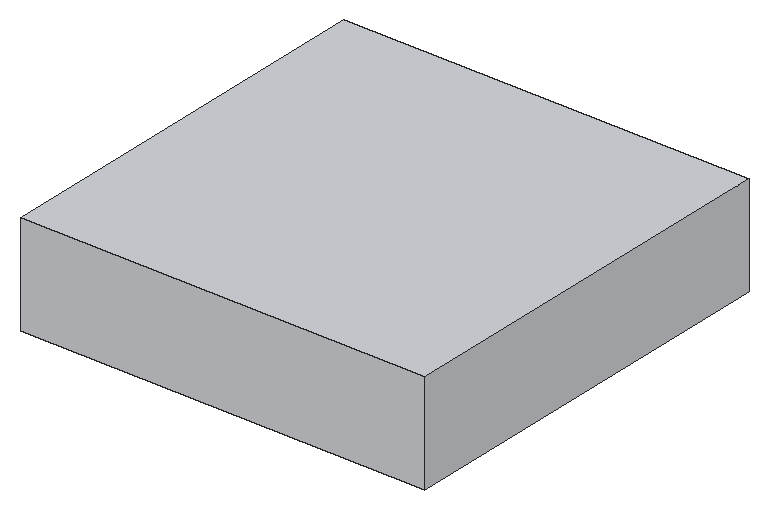
Revit family "2016LBeacon", category Lighting Fixtures, Revit 2017
Family settings
  Round Connector Dimension = Use Diameter
  Part Type = Normal
  OmniClass Number = 23.80.70.00
  OmniClass Title = Lighting
  Work Plane-Based = No
  Always vertical = Yes
  Cut with Voids When Loaded = No
  Light Source = Yes
  Shared = No
  Room Calculation Point = No
Parameters (values of type "60Degree")
  Wattage = 12.1178 W
  built-in parameter 1150110 = 1 (stored number, unit not read)
  built-in parameter 1114217 = 1 (stored number, unit not read)
  built-in parameter 1150109 = 1 (stored number, unit not read)
  built-in parameter 1150134 = (empty or 0)
  built-in parameter 1150113 = 1 (stored number, unit not read)
  Returns_Loss = "-10dB at 50 Ohms"
  Polarization = "Linear (Vertical & Horizontal)"
  Peak_Gain = "around 8 dBi"
  Lumens = 1800 lm
  built-in parameter 1010506 = 1.00° * [3db_Beamwidths]  # 1.0472 (stored number, unit not read)
  built-in parameter 1010507 = 1.00° * [3db_Beamwidths]  # 1.0472 (stored number, unit not read)
  Tilt Angle = 90.00°
  built-in parameter 1150115 = 1 (stored number, unit not read)
  built-in parameter 1150105 = 6018.4 (stored number, unit not read)
  Longitude = ""
  Light Source Symbol Length = 304.8 cm
  built-in parameter 1150137 = (empty or 0)
  built-in parameter 1150139 = (empty or 0)
  Latitude = ""
  built-in parameter 1150112 = 1 (stored number, unit not read)
  built-in parameter 1150114 = 1 (stored number, unit not read)
  built-in parameter 1150132 = 2
  built-in parameter 1150102 = (empty or 0)
  built-in parameter 1150138 = (empty or 0)
  built-in parameter 1150107 = 3000 (stored number, unit not read)
  built-in parameter 1150106 = 60.184 (stored number, unit not read)
  GUID = ""
  Frequency_Coverage = "2.4GHz ISM band"
  Emergency_Instructions = ""
  built-in parameter 1150104 = 13.8 (stored number, unit not read)
  Dimming Lamp Color Temperature Shift = <None>
  Connector = "SMA-Male"
  Color Filter = 16777215
  Cable = "1.37mm diameter with 150mm length"
  built-in parameter 1114218 = 1 (stored number, unit not read)
  built-in parameter 1150133 = 10 (stored number, unit not read)
  Antenna_Type = "Two port square patch directional antenna pair"
  3db_Beamwidths = 60
Types (3, lengths in cm): name | built-in parameter 1010506 | built-in parameter 1010507 | 3db_Beamwidths
  60Degree | 1.0472 (stored number, unit not read) | 1.0472 (stored number, unit not read) | 60
  30Degree | 0.5236 (stored number, unit not read) | 0.5236 (stored number, unit not read) | 30
  2016_LBeacon_2 | 1.0472 (stored number, unit not read) | 1.0472 (stored number, unit not read) | 60
Reference planes (cm)
  plane 1 "Tilt Plane": y = 0
  plane 2: z = 0
  plane 3 "Light Source Axis (L/R)": x = 0
  plane 4 "Light Source Elevation": z = 0
Forms (cm)
  Extrusion 1, solid
    sketch origin (9.126, 8.7835, 0) x (1, 0, 0) y (0, 1, 0)
      loop
        line (-19.126, 1.2165) -> (-19.126, -18.7835) -> (0.874, -18.7835) -> (0.874, 1.2165) -> (-19.126, 1.2165)
    from 0 to 5
Text (cm)
  text "0 Tilt Angle" at (80.9978, -457.2, 158.6413), in view "Front"
  text "270" at (-33.1585, -457.2, 248.8248), in view "Front"
  text "180" at (-113.068, -457.2, 158.6413), in view "Front"
  text "90" at (-32.0169, -457.2, 45.6265), in view "Front"
  text "0 Tilt Angle" at (195.2354, 457.2, 154.298), in view "Back"
  text "180" at (-87.6627, 457.2, 152.4796), in view "Back"
  text "270" at (36.7014, 457.2, 269.8908), in view "Back"
  text "90" at (30.4215, 457.2, 66.6926), in view "Back"
Dimensions and locks (cm)
  aligned and locked: imposter light to plane 3 "Light Source Axis (L/R)"
  aligned and locked: plane 1 "Tilt Plane" to imposter light
  aligned and locked: plane 4 "Light Source Elevation" to imposter light
  aligned and locked: plane 2 to level
